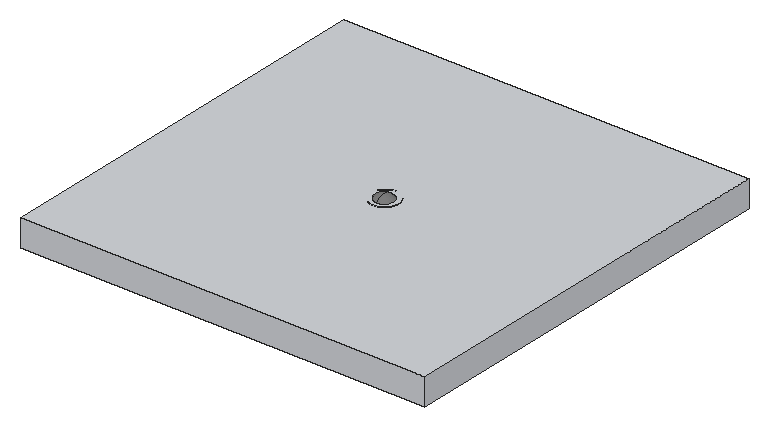
Revit family
Parameters (values of type "6"")
  URL = "WWW.MIFAB.COM"
  Total Diameter = 8.000"
  Strainer Diameter = 7.000"
  Strainer Adjustment [instance] = 1.000"
  Pipe Radius = Pipe Diameter / 2  # 3.000"
  Pipe Diameter = 6.000"
  Model = "F1100-C-W(D)"
  Material = Floor Drains
  Manufacturer = "MIFAB"
  Description = "OVERFLOW DRAIN WITH STANDPIPE AND OPTIONAL DOME"
  Default Elevation = 48.000"
  Body Height = 4.750"
  Assembly Code = ""
Types (6): name | Strainer Diameter | Strainer Adjustment | Pipe Radius | Pipe Diameter | Body Height
  (no name) | 7.000" | 1.000" | 3.000" | 6.000" | 4.750"
  2" | 7.000" | 1.000" | 1.000" | 2.000" | 3.375"
  3" | 6.000" | 7.400" | 1.500" | 3.000" | 3.375"
  4" | 7.000" | 1.000" | 2.000" | 4.000" | 3.375"
  5" | 7.000" | 1.000" | 2.500" | 5.000" | 3.375"
  6" | 7.000" | 1.000" | 3.000" | 6.000" | 4.750"
Reference planes (in)
  plane 1 "Center (Front/Back)": y = 0
  plane 2: z = 0
  plane 3 "Center (Left/Right)": x = 0
  plane 4: z = 0
  plane 5: y = -3.5
  plane 6: y = 3.5
  plane 7: y = 4
  plane 8: y = -4
  plane 9: y = -3
  plane 10: y = 3
  plane 11: z = -1
  plane 12: z = -5.75
  plane 13: z = 1
  plane 14: y = 2.9
  plane 15: y = -2.9
  plane 16: z = -2.8
Forms (in)
  Extrusion 1, solid
    sketch origin (0, 0, 0) x (1, 0, 0) y (0, 1, 0)
      loop
        line (-48, 48) -> (-48, -48) -> (48, -48) -> (48, 48) -> (-48, 48)
    from 0 to -6.41696
  Revolve 2, solid, material "Floor Drains" <- "Material"
    sketch origin (0, 0.04396, 0) x (0, 1, 0) y (0, 0, 1)
      loop
        line (-2.97522, -1) -> (-4.04396, -1) -> (-4.04396, -1.26052) -> (-3.42821, -1.26052) -> (-3.29018, -2.24274) -> (-3.17249, -2.24274) -> (-3.17249, -4.26333) -> (-3.04396, -4.37488) -> (-3.04396, -5.75) -> (-2.79396, -5.75) -> (-2.79396, -4.19529) -> (-2.97522, -4.08097) -> (-2.97522, -1)
      axis (-0.04396, -1) -> (-0.04396, -5.75)
    angle from 0 to 360
  Revolve 3, solid, material "Floor Drains" <- "Material"
    sketch origin (3.23224, 3.35604, 1.86719) x (0, 1, 0) y (0, 0, 1)
      loop
        line (-3.29765, -2.32681) -> (-3.62527, -2.32681) -> (-3.62527, -2.50802) -> (-3.72878, -2.50802) -> (-3.72878, -2.55859) -> (-3.52524, -2.55859) -> (-3.52524, -3.64951) -> (-3.29765, -3.64951) -> (-3.29765, -2.32681)
      axis (-3.29765, -2.32681) -> (-3.29765, -3.64951)
    angle from 0 to 360
  Revolve 4, solid, material "Floor Drains" <- "Material"
    sketch origin (0, 0, 0) x (1, 0, 0) y (0, 0, 1)
      loop
        line (-4.4739, -1.75163) -> (-2.8927, -1.75163) -> (-2.8927, -1.40783) -> (-3.81457, -1.40783) -> (-3.90837, -1.50163) -> (-4.4739, -1.50163) -> (-4.4739, -1.75163)
      axis (-2.8927, -1.75163) -> (-4.4739, -1.75163)
    angle from 0 to 360
  Revolve 5, solid, material "Floor Drains" <- "Material"
    sketch origin (1.2903, -4.47722, 1.86719) x (0.866025, -0.5, 0) y (0, 0, 1)
      loop
        line (-3.29765, -2.32681) -> (-3.62527, -2.32681) -> (-3.62527, -2.50802) -> (-3.72878, -2.50802) -> (-3.72878, -2.55859) -> (-3.52524, -2.55859) -> (-3.52524, -3.64951) -> (-3.29765, -3.64951) -> (-3.29765, -2.32681)
      axis (-3.29765, -2.32681) -> (-3.29765, -3.64951)
    angle from 0 to 360
  Revolve 6, solid, material "Floor Drains" <- "Material"
    sketch origin (-4.52254, 1.12118, 1.86719) x (-0.866025, -0.5, 0) y (0, 0, 1)
      loop
        line (-3.29765, -2.32681) -> (-3.62527, -2.32681) -> (-3.62527, -2.50802) -> (-3.72878, -2.50802) -> (-3.72878, -2.55859) -> (-3.52524, -2.55859) -> (-3.52524, -3.64951) -> (-3.29765, -3.64951) -> (-3.29765, -2.32681)
      axis (-3.29765, -2.32681) -> (-3.29765, -3.64951)
    angle from 0 to 360
  Revolve 7, solid, material "Floor Drains" <- "Material"
    sketch origin (0, 0, 0) x (0, 1, 0) y (0, 0, 1)
      loop
        line (-4, -1) -> (0, -1) -> (0, -0.0009) -> (-3.35913, -0.0009) -> (-3.35913, -0.69141) -> (-4, -0.69141) -> (-4, -1)
      axis (0, -0.0009) -> (0, -1)
    angle from 0 to 360
  Revolve 8, solid, material "Floor Drains" <- "Material"
    sketch origin (0, 0, 0) x (0, 1, 0) y (0, 0, 1)
      loop
        line (-2, -1) -> (0, -1) -> (0, 1)
        arc (0, 1) -> (-2.34734, -0.19706) -> (-2.75681, -2.8) r 2.9
        line (-2.75681, -2.8) -> (-2, -2.8) -> (-2, -1)
      axis (0, -2.8) -> (0, 1)
    angle from 0 to 360
Cuts and joins
  joined: Revolve 7, Revolve 8
  joined: Revolve 2, Revolve 4
Dimensions and locks (in)
  equal spacing: plane 6, plane 1 "Center (Front/Back)", plane 5
  "Strainer Diameter": plane 6 to plane 5
  equal spacing: plane 7, plane 1 "Center (Front/Back)", plane 8
  "Total Diameter": plane 7 to plane 8
  equal spacing: Revolve 2, Revolve 4 sketch curve, Revolve 2
  equal spacing: plane 10, plane 1 "Center (Front/Back)", plane 9
  "Pipe Diameter": plane 10 to plane 9
  "Pipe Radius": plane 1 "Center (Front/Back)" to plane 9
  "Body Height": plane 11 to plane 12
  plane 13 to level = 1.000"
  plane 14 to plane 15 = 5.800"
  equal spacing: plane 14, plane 1 "Center (Front/Back)", plane 15
  locked: Revolve 8 sketch curve to plane 13 at 2.9
  locked: plane 16 to plane 13 at 3.8
  "Strainer Adjustment": Extrusion 1 to plane 13
  locked: Revolve 8 sketch curve to plane 1 "Center (Front/Back)" at 2
  Revolve 2 sketch curve to Revolve 2 sketch curve to Revolve 2 sketch curve to Revolve 2 sketch curve to plane 1 "Center (Front/Back)" = 0.13803", 0.11769", 0.19727", 2.93126"
  plane 11 to Revolve 2 sketch curve to Revolve 2 sketch curve = 0.26052", 0.98223"
  Revolve 2 sketch curve to Revolve 2 sketch curve to Revolve 2 sketch curve to Revolve 2 sketch curve to plane 12 = 0.11432", 0.06804", 0.11155", 1.37512"
  aligned and locked: plane 2 to Extrusion 1
  aligned and locked: level to Extrusion 1
  aligned and locked: Revolve 2 sketch curve to plane 9
  aligned and locked: plane 8 to Revolve 2 sketch curve
  aligned and locked: Extrusion 1 to plane 4
  aligned and locked: plane 8 to Revolve 7 sketch curve  (x2)
  aligned and locked: Revolve 7 to Revolve 2
  aligned and locked: Revolve 7 to Revolve 6
  aligned and locked: Revolve 7 to Revolve 5
  aligned and locked: Revolve 7 to Revolve 3
  aligned and locked: Revolve 8 sketch curve to plane 1 "Center (Front/Back)"
  aligned and locked: Revolve 7 sketch curve to plane 1 "Center (Front/Back)"
  aligned and locked: plane 16 to Revolve 8 sketch curve
  aligned and locked: plane 11 to Revolve 2 sketch curve
  aligned and locked: Revolve 2 sketch curve to plane 12
Automatic sketch dimensions
  Extrusion 1 sketch curve to Extrusion 1 sketch curve = 96.000"  (x2)
  Revolve 3 sketch curve to Revolve 3 sketch curve = 0.20354"
  Revolve 3 sketch curve to Revolve 3 sketch curve = 0.10003"
  Revolve 3 sketch curve to Revolve 3 sketch curve = 0.32762"
  Revolve 3 sketch curve to Revolve 3 sketch curve = 0.000"  (x3)
  Revolve 3 sketch curve to Revolve 3 sketch curve = 1.09092"
  Revolve 3 sketch curve to Revolve 3 sketch curve = 0.05057"
  Revolve 3 sketch curve to Revolve 3 sketch curve = 0.18121"
  Revolve 4 sketch curve to plane 3 "Center (Left/Right)" = 4.4739"
  Revolve 4 sketch curve to Revolve 4 sketch curve = 0.56553"
  Revolve 4 sketch curve to Revolve 4 sketch curve = 0.09379"
  Revolve 4 sketch curve to Revolve 4 sketch curve = 0.22507"
  Revolve 4 sketch curve to Revolve 4 sketch curve = 0.7906"
  Revolve 4 sketch curve to Revolve 4 sketch curve = 0.000"  (x2)
  Revolve 4 sketch curve to Revolve 4 sketch curve = 0.250"
  Revolve 4 sketch curve to Revolve 4 sketch curve = 0.34379"
  Revolve 5 sketch curve to Revolve 5 sketch curve = 0.20354"
  Revolve 5 sketch curve to Revolve 5 sketch curve = 0.10003"
  Revolve 5 sketch curve to Revolve 5 sketch curve = 0.32762"
  Revolve 5 sketch curve to Revolve 5 sketch curve = 0.000"  (x3)
  Revolve 5 sketch curve to Revolve 5 sketch curve = 1.09092"
  Revolve 5 sketch curve to Revolve 5 sketch curve = 0.05057"
  Revolve 5 sketch curve to Revolve 5 sketch curve = 0.18121"
  Revolve 6 sketch curve to Revolve 6 sketch curve = 0.20354"
  Revolve 6 sketch curve to Revolve 6 sketch curve = 0.10003"
  Revolve 6 sketch curve to Revolve 6 sketch curve = 0.32762"
  Revolve 6 sketch curve to Revolve 6 sketch curve = 0.000"  (x3)
  Revolve 6 sketch curve to Revolve 6 sketch curve = 1.09092"
  Revolve 6 sketch curve to Revolve 6 sketch curve = 0.05057"
  Revolve 6 sketch curve to Revolve 6 sketch curve = 0.18121"
  Revolve 7 sketch curve to plane 1 "Center (Front/Back)" = 0.000"
  Revolve 7 sketch curve to plane 5 = 0.14087"
  Revolve 7 sketch curve to level = 1.83769"
  Revolve 7 sketch curve to Revolve 7 sketch curve = 0.83769"
  Revolve 7 sketch curve to Revolve 7 sketch curve = 0.30859"
  Revolve 7 sketch curve to level = 0.0009"
  level to Revolve 7 sketch curve = 0.91231"
  Revolve 8 sketch curve to plane 1 "Center (Front/Back)" = 0.000"
  plane 11 to Revolve 8 sketch curve = 0.000"  (x2)
  plane 16 to Revolve 8 sketch curve = 0.400"
  Revolve 8 sketch curve to plane 13 = 0.000"
  Revolve 2 sketch curve to plane 1 "Center (Front/Back)" = 0.000"
  plane 12 to Revolve 2 sketch curve = 0.000"
  Revolve 2 sketch curve to plane 9 = 0.250"
  Revolve 2 sketch curve to plane 11 = 0.250"
  plane 1 "Center (Front/Back)" to Revolve 3 sketch curve = 0.37274"
  Revolve 3 sketch curve to plane 11 = 0.78233"
  plane 11 to Revolve 5 sketch curve = 0.35916"
  plane 11 to Revolve 6 sketch curve = 0.35916"
Connectors (in)
  piping at (-4.4739, 0, -1.75163)
    settings: on Revolve 4, index 1, connector radius 1/4", flow factor 0, pipe flow 0 GPM, pressure drop 0.00 psi, fitting loss kfactor 0, connector angle 0.00°, fixture units 0, flow configuration 0, flow direction 0, fitting loss method 0, system type 7, connector reference index -1, connector utility 0, adjustable connector no, is connector primary yes, fitting loss table "", connector description ""
  piping at (0, 0, -5.75), driven by "Pipe Radius"
    settings: on Revolve 2, index 2, connector radius 3", flow factor 0, pipe flow 0 GPM, pressure drop 0.00 psi, fitting loss kfactor 0, connector angle 0.00°, fixture units 0, flow configuration 0, flow direction 0, fitting loss method 0, system type 7, connector reference index -1, connector utility 0, adjustable connector no, is connector primary no, fitting loss table "", connector description ""
